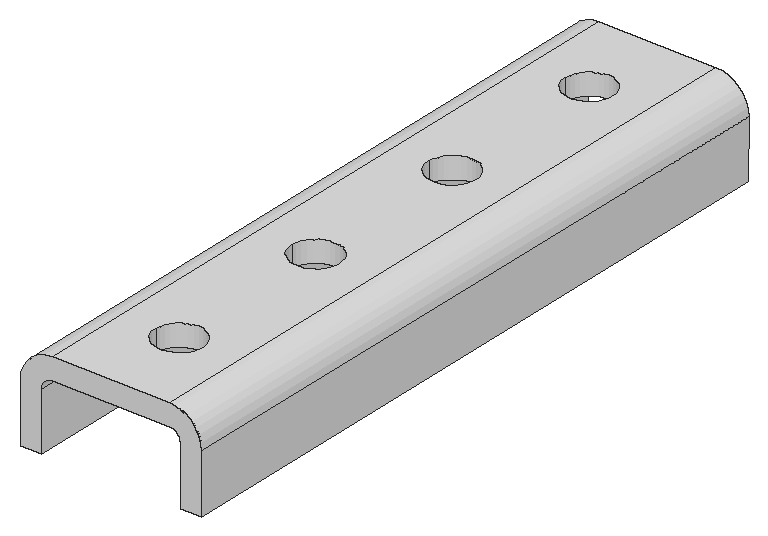
Revit family "P7377_Fittings", category Generic Models, Revit 2020
Family settings
  Can host rebar = No
  Round Connector Dimension = Use Diameter
  Part Type = Normal
  Work Plane-Based = Yes
  Always vertical = No
  Cut with Voids When Loaded = No
  Shared = No
  Room Calculation Point = No
Parameters (values of type "P7377 EG")
  Weight = 0.24 lbf
  URL = "https://www.atkore.com/products/strut-and-fittings/p7377"
  UPC = "\"786364737706\""
  Type Comments = ""
  Salsify ID6 = ""
  Salsify ID5 = ""
  Salsify ID4 = ""
  Salsify ID3 = ""
  Salsify ID2 = ""
  Salsify ID1 = "US-P7377"
  Power-Strut Part Number = ""
  Part Number = "P7377 EG"
  Model = "P7377"
  Manufacturer = "Atkore Unistrut"
  Material = Electro Galvanized
  Disclaimer = ""
  Description = "P7377 - Fittings"
  Default Elevation = 0.000"
  Cost = 0
Reference planes (in)
  plane 1 "Center (Front/Back)": y = 0
  plane 2: z = 0
  plane 3 "Center (Left/Right)": x = 0
Forms (in)
  Extrusion 1, solid, material "Electro Galvanized" <- "Material"
    sketch origin (0, 0, -0.40626) x (1, 0, 0) y (0, 0, 1)
      loop
        line (-0.40624, 0) -> (-0.40624, 0.34376)
        spline (-0.40624, 0.34376) -> (-0.40567, 0.35224) -> (-0.40401, 0.36037) -> (-0.40133, 0.36808) -> (-0.39771, 0.3753) -> (-0.39322, 0.38195) -> (-0.38794, 0.38795) -> (-0.38194, 0.39323) -> (-0.37529, 0.39772) -> (-0.36807, 0.40134) -> (-0.36036, 0.40402) -> (-0.35223, 0.40569) -> (-0.34375, 0.40626)
        line (-0.34375, 0.40626) -> (0.34375, 0.40626)
        spline (0.34375, 0.40626) -> (0.35223, 0.40569) -> (0.36036, 0.40402) -> (0.36807, 0.40134) -> (0.37529, 0.39772) -> (0.38194, 0.39323) -> (0.38794, 0.38795) -> (0.39322, 0.38195) -> (0.39771, 0.3753) -> (0.40133, 0.36808) -> (0.40401, 0.36037) -> (0.40567, 0.35224) -> (0.40624, 0.34376)
        line (0.40624, 0.34376) -> (0.40624, 0) -> (0.53125, 0) -> (0.53125, 0.34376)
        spline (0.53125, 0.34376) -> (0.52954, 0.3692) -> (0.52455, 0.3936) -> (0.51652, 0.41674) -> (0.50565, 0.4384) -> (0.49218, 0.45834) -> (0.47633, 0.47635) -> (0.45833, 0.4922) -> (0.43839, 0.50566) -> (0.41673, 0.51653) -> (0.3936, 0.52457) -> (0.36919, 0.52955) -> (0.34375, 0.53126)
        line (0.34375, 0.53126) -> (-0.34375, 0.53126)
        spline (-0.34375, 0.53126) -> (-0.36919, 0.52955) -> (-0.3936, 0.52457) -> (-0.41673, 0.51653) -> (-0.43839, 0.50566) -> (-0.45833, 0.4922) -> (-0.47633, 0.47635) -> (-0.49218, 0.45834) -> (-0.50565, 0.4384) -> (-0.51652, 0.41674) -> (-0.52455, 0.3936) -> (-0.52954, 0.3692) -> (-0.53125, 0.34376)
        line (-0.53125, 0.34376) -> (-0.53125, 0) -> (-0.40624, 0)
    from -2 to 2
  Extrusion 2, void
    sketch origin (0, 0, 0) x (1, 0, 0) y (0, 1, 0)
      loop
        circle (0, 0.5002) r 0.14065
      loop
        circle (0, 1.5) r 0.14065
      loop
        circle (0, -0.5002) r 0.14065
      loop
        circle (0, -1.5) r 0.14065
    from 0 to 2.76172
Cuts and joins
  Extrusion 2 cuts Extrusion 1
Dimensions and locks (in)
  aligned and locked: plane 2 to level
